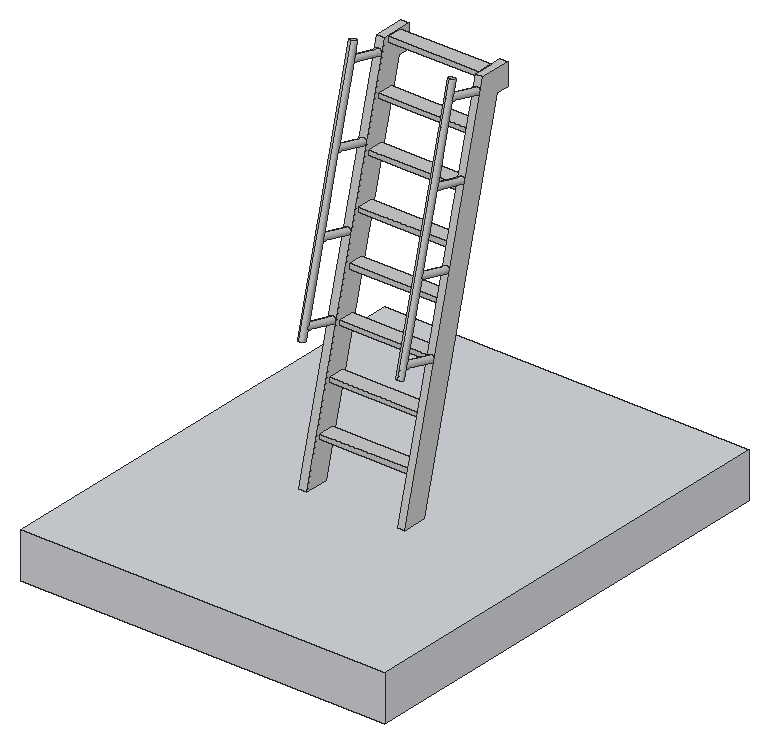
Revit family
Parameters (values of type "Other Incline")
  treadlocate [instance] = if(1 = 1, (1' 0" / tan(Ladder Incline)), 0' 0")  # 0' - 3.21539"
  numrungcalcd [instance] = if(numrungcalca > 1' 4 1/8", numrungcalcc, numrungcalcc - 1)  # 8
  numrungcalcc [instance] = ((Unit Height - 0' 0 5/8") / sin(Ladder Incline)) / 1' 0"  # 8
  numrungcalcb [instance] = ((Unit Height / tan(Ladder Incline)) + 0' 8") - (0' 5" + (treadlocate * (numrungcalcc - 2)))  # 0' - 9.43078"
  numrungcalca [instance] = (numrungcalcb - 0' 3") * tan(Ladder Incline)  # 2' - 0"
  Warranty Duration (Years) = 0
  Unit Width_Outside Frame [instance] = if(1 = 1, Unit Width + (0' 1" * 2), 0' 0")  # 2' - 2"
  Unit Width = 2' - 0"
  Unit Height [instance] = 8' - 0"
  URL = "http://www.okeeffes.com/"
  Test Data = ""
  Standards Conformance = "OSHA 1910.27"
  Specification = ""
  SpecWizard = ""
  Send Message = ""
  Sales Information = "http://www.okeeffes.com/contact-us.php"
  Revision = "R1_2015-11"
  Product Properties = ""
  Product Data = "http://www.arcat.com/arcatcos/cos34/arc34555.html"
  Number of Rungs [instance] = numrungcalcd  # 8
  Model = "523x"
  Manufacturer Website = "http://www.okeeffes.com/"
  Manufacturer Phone - Toll Free = "888-653-3333"
  Manufacturer Phone = "415-822-4222"
  Manufacturer Fax = "415-822-5222"
  Manufacturer Address = "100 N. Hill Dr.   Suite 12   Brisbane, CA 94005"
  Manufacturer = "O'Keeffe's, Inc"
  Maintenance Schedule (Months) = 0
  Ladder Incline = 75.00°
  Keynote = "05515"
  Installation-Fabrication = ""
  Installation Phase = ""
  Include Seismic Brackets [instance] = no
  Green Building-LEED = ""
  Frame Finish [instance] = Metal - Aluminum - O'Keeffe's - Standard Mill
  Expected Lifespan (Years) = 0
  Drawn By = "Sumex Design, Inc. / Robert S. Weygant, CSI, CDT, SCIP"
  Description = "O'Keeffe's Model 523x Roof Hatch Ship Ladder - Other Incline as Specified"
  Default Elevation = 0' - 0"
  Copyright = "©Arcat Inc."
  Construction Details = ""
  Capacity = "1500 lbs per Rung"
  Building Codes = ""
  Available Options [instance] = "as Specified"
  Assembly Code = "B1010700"
Types (3): name | treadlocate | numrungcalcc | numrungcalcb | numrungcalca | Model | Ladder Incline | Description
  Other Incline | 0' - 3.21539" | 8 | 0' - 9.43078" | 2' - 0" | "523x" | 75.00° | "O'Keeffe's Model 523x Roof Hatch Ship Ladder - Other Incline as Specified"
  60 Degree Incline | 0' - 6.9282" | 9 | 0' - 9.9282" | 1' - 0" | "523A" | 60.00° | "O'Keeffe's Model 523A Roof Hatch Ship Ladder - 60 Degree Incline as Specified"
  75 Degree Incline | 0' - 3.21539" | 8 | 0' - 9.43078" | 2' - 0" | "523" | 75.00° | "O'Keeffe's Model 523 Roof Hatch Ship Ladder - 75 Degree Incline as Specified"
Reference planes (in)
  plane 1 "PlatEdge": y = 36.63217
  plane 2: z = 0
  plane 3 "Center (Left/Right)": x = 0
  plane 4: x = -12
  plane 5: x = 12
  plane 6: z = 96
  plane 7: z = 36
  plane 8: z = 95.375
  plane 9: z = 83.375
Forms (in)
  Extrusion 1, solid
    sketch origin (0, 0, 0) x (1, 0, 0) y (0, 1, 0)
      loop
        line (-48, 73.5395) -> (-48, -46.4605) -> (48, -46.4605) -> (48, 73.5395) -> (-48, 73.5395)
    from 0 to -12
  Sweep 2, solid, material "Metal - Aluminum - O'Keeffe's - Standard Mill" <- "Frame Finish"
    path origin (0, 28.63217, 96) x (0, -0.258819, -0.965926) y (0, 0.965926, -0.258819)
      loop
        line (65.11657, -9.59375) -> (-0.71797, -9.59375)
    profile origin (0, 11.03153, 67.38091) x (0, -0.965926, 0.258819) y (1, 0, 0)
      loop
        circle (0, 13) r 0.84375
      loop
        circle (0, -13) r 0.84375
  Extrusion 3, void
    sketch origin (0, 0, 0) x (0, 1, 0) y (0, 0, 1)
      loop
        line (20.90905, 0) -> (-5.09095, 0) -> (-5.09095, -8) -> (20.90905, -8) -> (20.90905, 0)
    from -24 to 24
  Sweep 4, solid, material "Metal - Aluminum - O'Keeffe's - Standard Mill" <- "Frame Finish"
    path origin (0, -3.0495, 40.18127) x (0, 0.965926, -0.258819) y (0, 0.258819, 0.965926)
      loop
        line (6.56144, 0) -> (16.15519, 0)
    profile origin (0, 7.92179, 37.24152) x (0, 0.258819, 0.965926) y (1, 0, 0)
      loop
        circle (0, 13) r 0.84375
      loop
        circle (0, -13) r 0.84375
  Sweep 5, solid, material "Metal - Aluminum - O'Keeffe's - Standard Mill" <- "Frame Finish"
    path origin (0, 2.30255, 58.97531) x (0, 0.965926, -0.258819) y (0, 0.258819, 0.965926)
      loop
        line (6.25601, 0) -> (15.84976, 0)
    profile origin (0, 12.97882, 56.11461) x (0, 0.258819, 0.965926) y (1, 0, 0)
      loop
        circle (0, 13) r 0.84375
      loop
        circle (0, -13) r 0.84375
  Sweep 6, solid, material "Metal - Aluminum - O'Keeffe's - Standard Mill" <- "Frame Finish"
    path origin (0, 7.35958, 77.84839) x (0, 0.965926, -0.258819) y (0, 0.258819, 0.965926)
      loop
        line (6.25601, 0) -> (15.84976, 0)
    profile origin (0, 18.03585, 74.9877) x (0, 0.258819, 0.965926) y (1, 0, 0)
      loop
        circle (0, 13) r 0.84375
      loop
        circle (0, -13) r 0.84375
  Sweep 7, solid, material "Metal - Aluminum - O'Keeffe's - Standard Mill" <- "Frame Finish"
    path origin (0, 24.00772, 93.61565) x (0, -0.965926, 0.258819) y (0, -0.258819, -0.965926)
      loop
        line (5.74399, 0) -> (-3.84976, 0)
    profile origin (0, 23.09288, 93.86078) x (0, 0.258819, 0.965926) y (1, 0, 0)
      loop
        circle (0, 13) r 0.84375
      loop
        circle (0, -13) r 0.84375
  Extrusion 8, solid, material "Metal - Aluminum - O'Keeffe's - Standard Mill" <- "Frame Finish", visible <- "Include Seismic Brackets"
    sketch origin (12, 19.13326, 48) x (0, 1, 0) y (0, 0, 1)
      loop
        line (-22.11839, -48) -> (-4.11839, -48) -> (-4.11839, -47.75) -> (-6.11839, -47.75) -> (-6.11839, -46.25) -> (-20.11839, -46.25) -> (-20.11839, -47.75) -> (-22.11839, -47.75) -> (-22.11839, -48)
    from 3 to -1
  Extrusion 9, solid, material "Metal - Aluminum - O'Keeffe's - Standard Mill" <- "Frame Finish", visible <- "Include Seismic Brackets"
    sketch origin (-12, 19.13326, 48) x (0, 1, 0) y (0, 0, 1)
      loop
        line (-6.11839, -46.25) -> (-20.11839, -46.25) -> (-20.11839, -47.75) -> (-22.11839, -47.75) -> (-22.11839, -48) -> (-4.11839, -48) -> (-4.11839, -47.75) -> (-6.11839, -47.75) -> (-6.11839, -46.25)
    from -3 to 1
  Sweep 10, solid, material "Metal - Aluminum - O'Keeffe's - Standard Mill" <- "Frame Finish"
    path origin (0, 28.63217, 96) x (0, -0.258819, -0.965926) y (0, 0.965926, -0.258819)
      loop
        line (99.38651, 0) -> (0, 0) -> (-2.07055, 7.72741)
    profile origin (0, 15.77061, 48) x (0, -0.965926, 0.258819) y (1, 0, 0)
      loop
        line (0, 12) -> (0, 14) -> (-6, 14) -> (-6, 12) -> (0, 12)
      loop
        line (0, -12) -> (-6, -12) -> (-6, -14) -> (0, -14) -> (0, -12)
Cuts and joins
  Extrusion 3 cuts Sweep 2
  joined: Sweep 2, Sweep 4, Sweep 5, Sweep 6, Sweep 7
  Extrusion 3 cuts Sweep 10
Lines and regions (in)
  reference lines
    curve 1: line (0, 36.63217, 96) -> (0, 28.63217, 96)
    curve 2: line (0, 28.63217, 96) -> (0, 2.90905, 0)
    curve 3: line (0, 9.1207, 0) -> (0, 34.84383, 96)
    curve 4: line (0, 36.63217, 90) -> (0, 28.63217, 90)
    curve 5: line (0, 4.77528, 40.7723) -> (0, 13.69978, 74.07899)
    curve 6: line (0, 3.96028, 40.99068) -> (0, 12.88478, 74.29737)
    curve 7: line (0, -3.0495, 40.18127) -> (0, 12.55522, 36)
    curve 8: line (0, 24.00772, 93.61565) -> (0, 12.41661, 96.72148)
    curve 9: line (0, 7.35958, 77.84839) -> (0, 18.95069, 74.74256)
    curve 10: line (0, 2.30255, 58.97531) -> (0, 13.89366, 55.86948)
    curve 11: line (0, 2.51191, 35.58527) -> (0, 5.8333, 34.6953)
    curve 12: line (0, 31.63217, 96) -> (0, 31.63217, 104)
    curve 13: line (0, 28.41678, 83.375) -> (0, 28.41678, 96)
Dimensions and locks (in)
  equal spacing: plane 4, plane 3 "Center (Left/Right)", plane 5
  "Unit Width": plane 4 to plane 5
  "Unit Height": plane 6 to plane 2
  locked: curve 1 to plane 1 "PlatEdge" at 8
  locked: curve 2 to curve 3 at 6
  locked: curve 4 to plane 1 "PlatEdge" at 8
  locked: plane 6 to curve 4 at 6
  locked: plane 7 to plane 2 at 36
  locked: curve 5 to curve 6 at 0.84375
  locked: curve 5 to curve 2 at 8.75
  locked: curve 2 to curve 8 at 3.5
  locked: curve 11 to curve 7 at 3
  equal spacing: curve 8, curve 9, curve 10, curve 7
  locked: Sweep 2 sketch curve to plane 5 at 1
  locked: plane 4 to Sweep 2 sketch curve at 1
  locked: curve 12 to plane 1 "PlatEdge" at 5
  locked: plane 4 to Sweep 4 sketch curve at 1
  locked: Sweep 4 sketch curve to plane 5 at 1
  locked: plane 4 to Sweep 5 sketch curve at 1
  locked: Sweep 5 sketch curve to plane 5 at 1
  locked: Sweep 6 sketch curve to plane 5 at 1
  locked: plane 4 to Sweep 6 sketch curve at 1
  locked: Sweep 7 sketch curve to plane 5 at 1
  locked: plane 4 to Sweep 7 sketch curve at 1
  Extrusion 8 sketch curve to Extrusion 8 sketch curve to curve 2 to Extrusion 8 sketch curve to Extrusion 8 sketch curve = 0' - 2" locked, 0' - 3.89417" locked, 0' - 10.10583" locked, 0' - 2" locked
  Extrusion 9 sketch curve to Extrusion 9 sketch curve to curve 2 to Extrusion 9 sketch curve to Extrusion 9 sketch curve = 0' - 2" locked, 0' - 3.89417" locked, 0' - 10.10583" locked, 0' - 2" locked
  locked: Sweep 10 sketch curve to plane 1 "PlatEdge" at 8
  locked: plane 4 to Sweep 10 sketch curve at 2
  locked: Sweep 10 sketch curve to plane 5 at 2
  Extrusion 3 sketch curve to curve 2 to Extrusion 3 sketch curve = 0' - 8" locked, 1' - 6" locked
  locked: plane 2 to Extrusion 3 sketch curve at 8
  locked: plane 6 to plane 8 at 0.625
  locked: plane 8 to plane 9 at 12
  equal spacing: group 1, group 2, group 3, group 4, group 5, group 6, group 7, group 8
  equal spacing: group 8, group 7, group 6, group 5, group 4, group 3, group 2, group 1  (x2)
  "treadlocate": curve 13 to curve 12
  locked: Sweep 2 sketch curve to curve 8 at 4.21797
  "Ladder Incline": angle plane 2 to curve 2
  aligned and locked: plane 2 to Extrusion 1
  aligned and locked: level to Extrusion 1
  aligned and locked: curve 1 to plane 1 "PlatEdge"
  aligned and locked: plane 2 to curve 2
  aligned and locked: plane 6 to curve 1
  aligned and locked: plane 2 to curve 3
  aligned and locked: plane 6 to curve 3
  aligned and locked: plane 1 "PlatEdge" to curve 4
  aligned and locked: plane 7 to curve 7
  aligned and locked: Sweep 2 sketch curve to curve 6
  aligned and locked: curve 11 to Sweep 2 sketch curve
  aligned and locked: plane 6 to curve 12
  aligned and locked: curve 7 to Sweep 4 sketch curve
  aligned and locked: Sweep 4 sketch curve to curve 6
  aligned and locked: curve 2 to Sweep 4 sketch curve
  aligned and locked: curve 10 to Sweep 5 sketch curve
  aligned and locked: curve 6 to Sweep 5 sketch curve
  aligned and locked: curve 2 to Sweep 5 sketch curve
  aligned and locked: curve 2 to Sweep 6 sketch curve
  aligned and locked: curve 6 to Sweep 6 sketch curve
  aligned and locked: curve 9 to Sweep 6 sketch curve
  aligned and locked: curve 2 to Sweep 7 sketch curve
  aligned and locked: curve 6 to Sweep 7 sketch curve
  aligned and locked: Sweep 7 sketch curve to curve 8
  aligned and locked: Sweep 10 sketch curve to plane 1 "PlatEdge"
  aligned and locked: Sweep 10 sketch curve to curve 2
  aligned and locked: plane 2 to Sweep 10 sketch curve
  aligned and locked: Sweep 10 sketch curve to plane 5
  aligned and locked: Sweep 10 sketch curve to plane 4
  aligned and locked: Sweep 10 sketch curve to plane 6
  aligned and locked: plane 2 to Extrusion 3 sketch curve
  aligned and locked: curve 11 to curve 6
  aligned and locked: plane 8 to nested 1
  aligned and locked: plane 9 to curve 13
  aligned and locked: plane 6 to curve 13
  aligned and locked: nested 2 to plane 9
  aligned: nested 2 to curve 13
  aligned and locked: nested 1 to curve 12
  aligned and locked: nested 2 to curve 13
Automatic sketch dimensions
  Extrusion 1 sketch curve to Extrusion 1 sketch curve = 8' - 0"
  Extrusion 1 sketch curve to Extrusion 1 sketch curve = 10' - 0"
  curve 7 to curve 2 = 0' - 0"
  curve 9 to curve 6 = 0' - 2"
  curve 6 to curve 5 = 0' - 0"  (x2)
  curve 6 to curve 11 = 0' - 5.59609"
  curve 2 to curve 10 = 1' - 3.84976"
  curve 8 to curve 2 = 1' - 3.84976"
  curve 9 to curve 6 = 0' - 6.25601"
  curve 7 to curve 6 = 0' - 6.56144"
  curve 2 to curve 11 = 0' - 6.15519"
  curve 2 to curve 9 = 0' - 3.84976"
  curve 8 to curve 2 = 0' - 3.84976"
  curve 2 to curve 10 = 0' - 3.84976"
  Sweep 2 sketch curve to profile plane = 0' - 0"  (x2)
  Sweep 4 sketch curve to profile plane = 0' - 0"  (x2)
  Sweep 5 sketch curve to profile plane = 0' - 0"  (x2)
  Sweep 6 sketch curve to profile plane = 0' - 0"  (x2)
  Sweep 7 sketch curve to profile plane = 0' - 0"  (x2)
  Extrusion 8 sketch curve to level = 0' - 0"
  level to Extrusion 8 sketch curve = 0' - 0 1/4"  (x2)
  Extrusion 8 sketch curve to Extrusion 8 sketch curve = 0' - 1 1/2"
  Extrusion 9 sketch curve to level = 0' - 0"
  level to Extrusion 9 sketch curve = 0' - 0 1/4"  (x2)
  level to Extrusion 9 sketch curve = 0' - 1 3/4"
  Sweep 10 sketch curve to profile plane = 0' - 0"  (x2)
  profile plane to Sweep 10 sketch curve = 0' - 6"  (x2)
  curve 12 to curve 12 = 0' - 8"
  radius of Sweep 2 sketch curve = 0' - 0 27/32"  (x2)
  radius of Sweep 4 sketch curve = 0' - 0 27/32"  (x2)
  radius of Sweep 5 sketch curve = 0' - 0 27/32"  (x2)
  radius of Sweep 6 sketch curve = 0' - 0 27/32"  (x2)
  radius of Sweep 7 sketch curve = 0' - 0 27/32"  (x2)
Nested families (in)
  nested 1: "Square Rung" at (0, 31.63217, 95.375) x (0, 1, 0) z (0, 0, 1), rung width <- "Unit Width", finish <- "Frame Finish", incline <- "Ladder Incline", type "Square Rung"
    with rung width 2' - 0", inclineremainder 15.00°, incline 75.00°, finish Metal - Aluminum - O'Keeffe's - Standard Mill
  nested 2: "Square Rung" at (0, 28.41678, 83.375) x (0, 1, 0) z (0, 0, 1), rung width <- "Unit Width", finish <- "Frame Finish", incline <- "Ladder Incline", type "Square Rung"
    with rung width 2' - 0", inclineremainder 15.00°, incline 75.00°, finish Metal - Aluminum - O'Keeffe's - Standard Mill
  nested 3: "Square Rung" at (0, 25.20139, 71.375) x (0, 1, 0) z (0, 0, 1), rung width <- "Unit Width", finish <- "Frame Finish", incline <- "Ladder Incline", type "Square Rung"
    with rung width 2' - 0", inclineremainder 15.00°, incline 75.00°, finish Metal - Aluminum - O'Keeffe's - Standard Mill
  nested 4: "Square Rung" at (0, 21.986, 59.375) x (0, 1, 0) z (0, 0, 1), rung width <- "Unit Width", finish <- "Frame Finish", incline <- "Ladder Incline", type "Square Rung"
    with rung width 2' - 0", inclineremainder 15.00°, incline 75.00°, finish Metal - Aluminum - O'Keeffe's - Standard Mill
  nested 5: "Square Rung" at (0, 18.77061, 47.375) x (0, 1, 0) z (0, 0, 1), rung width <- "Unit Width", finish <- "Frame Finish", incline <- "Ladder Incline", type "Square Rung"
    with rung width 2' - 0", inclineremainder 15.00°, incline 75.00°, finish Metal - Aluminum - O'Keeffe's - Standard Mill
  nested 6: "Square Rung" at (0, 15.55522, 35.375) x (0, 1, 0) z (0, 0, 1), rung width <- "Unit Width", finish <- "Frame Finish", incline <- "Ladder Incline", type "Square Rung"
    with rung width 2' - 0", inclineremainder 15.00°, incline 75.00°, finish Metal - Aluminum - O'Keeffe's - Standard Mill
  nested 7: "Square Rung" at (0, 12.33983, 23.375) x (0, 1, 0) z (0, 0, 1), rung width <- "Unit Width", finish <- "Frame Finish", incline <- "Ladder Incline", type "Square Rung"
    with rung width 2' - 0", inclineremainder 15.00°, incline 75.00°, finish Metal - Aluminum - O'Keeffe's - Standard Mill
  nested 8: "Square Rung" at (0, 9.12444, 11.375) x (0, 1, 0) z (0, 0, 1), rung width <- "Unit Width", finish <- "Frame Finish", incline <- "Ladder Incline", type "Square Rung"
    with rung width 2' - 0", inclineremainder 15.00°, incline 75.00°, finish Metal - Aluminum - O'Keeffe's - Standard Mill
Definition of nested family "Square Rung"
  Parameters (values of type "Square Rung")
    rung width [instance] = 2' - 4"
    inclineremainder [instance] = 90.00° - incline  # 15.00°
    incline [instance] = 75.00°
    finish [instance] = none
    Assembly Code = ""
  Reference planes (in)
    plane 1 "Center (Front/Back)": y = 0
    plane 2: z = 0
    plane 3 "Center (Left/Right)": x = 0
    plane 4: y = 14
    plane 5: y = -14
  Forms (in)
    Extrusion 1, solid, material <- "finish"
      sketch origin (0, 0, 0) x (0, -1, 0) y (1, 0, 0)
        loop
          line (-14, 2.0625) -> (-14, -2.0625) -> (14, -2.0625) -> (14, 2.0625) -> (-14, 2.0625)
      from 0.625 to -0.625
  Lines and regions (in)
    reference lines
      curve 1: line (0, 0, 0.625) -> (-1.55291, 0, -5.17055)
  Dimensions and locks (in)
    equal spacing: plane 5, plane 1 "Center (Front/Back)", plane 4
    "rung width": plane 5 to plane 4
    locked: curve 1 to plane 2 at 0.625
    "inclineremainder": angle curve 1 to plane 3 "Center (Left/Right)"
    aligned and locked: plane 2 to level
    aligned and locked: plane 3 "Center (Left/Right)" to curve 1
  Automatic sketch dimensions
    plane 4 to Extrusion 1 sketch curve = 0' - 0"
    plane 5 to Extrusion 1 sketch curve = 0' - 0"
    Extrusion 1 sketch curve to plane 3 "Center (Left/Right)" = 0' - 2 1/16"
    plane 3 "Center (Left/Right)" to Extrusion 1 sketch curve = 0' - 2 1/16"
